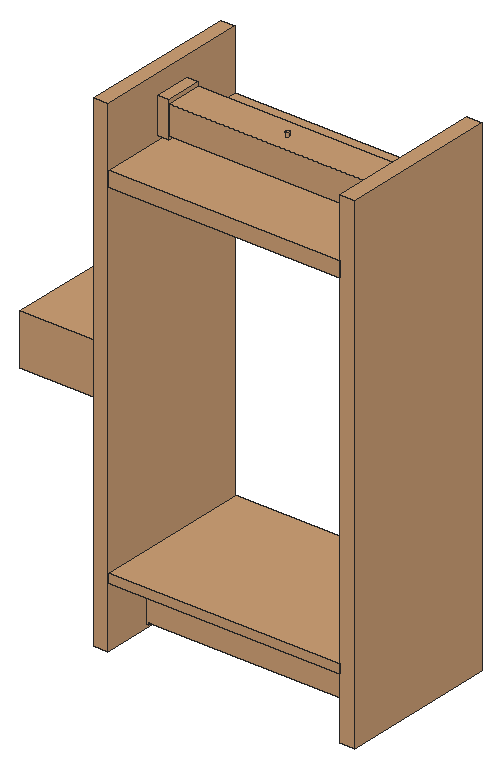
Revit family
Parameters
  Center of Unit = 0' - 0"  # constant formula
  Total Heating Capacity [instance] = 0.0 Btu/h
  Series = "VIFB"
  Outlet Area = 10.80 SF
  Lower Frame Thickness = if(Headers Height = 0' 3", 0' 1 1/4", if(Headers Height = 0' 3 1/4", 0' 1 1/4", 0' 0"))  # 0' - 1 1/4"
  Water Pressure Drop [instance] = 0.00 psi
  Water Flow [instance] = 0 GPM
  Unit Weight (lbs) = 452
  URL = "http://www.ljwing.com/"
  Water Outlet Radius = 0' - 1 1/2"
  Headers Height = if(M = 0' 1", 0' 3", if(M = 0' 1 1/2", 0' 3 1/4", 0' 0"))  # 0' - 3"
  Number of Rows = 2  # constant formula
  Number of Coils [instance] = 0
  Nominal Length = 3' - 0 3/16"
  N = 1' - 0 3/4"
  Model = "VC-3W"
  Manufacturer = "LJ Wing"
  M = 0' - 1"
  Leaving Water Temperature [instance] = 0 °F
  Leaving Air Temperature [instance] = 0 °F
  Entering Water Temperature [instance] = 0 °F
  Entering Air Temperature [instance] = 0 °F
  Description = "Vertical Integral Face & Bypass Water Heating Coils"
  Hot Water Inlet  Radius = 0' - 1 1/2"
  Coil Face Area = Outlet Area * 0.56  # 6.048 SF
  Casing Material = ""
  Assembly Code = "D3020300"
  Air Vent Radius = 0' - 0 1/4"
  Air Pressure Drop [instance] = 0.00 in-wg
  Air Inlet Width = Nominal Length - 0' 4"  # 2' - 8 3/16"
  Air Inlet Height = Y  # 4' - 0"
  Air Flow [instance] = 0 CFM
  Y = 4' - 0"
  S = 0' - 9 3/4"  # constant formula
  Product URL = "http://www.ljwing.com/html/vifb.asp"
  OmniClass = "23-75 70 21 14 "
  Nominal Height = 5' - 8"
  Nominal Depth = 1' - 10"
  R = 0' - 10 1/4"  # constant formula
  Q = 0' - 3 3/32"
Reference planes (in)
  plane 1 "Center (Front/Back)": y = 0
  plane 2: z = -24
  plane 3 "Center (Left/Right)": x = 0
  plane 4: z = 34.25
  plane 5: x = -18.09375
  plane 6: x = 18.09375
  plane 7: z = -33.75
  plane 8: z = 0
  plane 9: y = -11
  plane 10: y = 11
  plane 11: z = 24
  plane 12: z = 26
  plane 13: z = -25.25
  plane 14: x = 16.09375
  plane 15: x = -16.09375
  plane 16: x = -15
  plane 17: x = 15
  plane 18: y = 14.0625
  plane 19: x = -29.09375
  plane 20: z = 31.125
  plane 21: z = 27.125
  plane 22: y = -2.5
  plane 23: y = 2.5
  plane 24: y = -4.5
  plane 25: z = -31.375
  plane 26: x = -5.34375
  plane 27: x = 5.34375
  plane 28: z = -27.375
Forms (in)
  Extrusion 1, solid, material "Painted Finish"
    sketch origin (0, 6, -9.75) x (1, 0, 0) y (0, 0, 1)
      loop
        line (-18.09375, -24) -> (-16.09375, -24) -> (-16.09375, 44) -> (-18.09375, 44) -> (-18.09375, -24)
      loop
        line (18.09375, -24) -> (18.09375, 44) -> (16.09375, 44) -> (16.09375, -24) -> (18.09375, -24)
    from -5 to 17
  Extrusion 2, solid, material "Painted Finish"
    sketch origin (0, 6, 0) x (1, 0, 0) y (0, 0, 1)
      loop
        line (16.09375, -24) -> (-16.09375, -24) -> (-16.09375, -25.25) -> (16.09375, -25.25) -> (16.09375, -24)
      loop
        line (16.09375, 24) -> (16.09375, 26) -> (-16.09375, 26) -> (-16.09375, 24) -> (16.09375, 24)
    from -5 to 17
  Extrusion 3, solid, material "Painted Finish"
    sketch origin (0, 10, -0.5) x (1, 0, 0) y (0, 0, 1)
      loop
        line (-18.09375, 4) -> (-29.09375, 4) -> (-29.09375, -3) -> (-18.09375, -3) -> (-18.09375, 4)
    from 0 to 20
  Extrusion 4, solid, material "Painted Finish"
    sketch origin (0, 6, 0) x (1, 0, 0) y (0, 0, 1)
      loop
        line (-14.46875, 31.125) -> (-14.46875, 27.125) -> (14.46875, 27.125) -> (14.46875, 31.125) -> (-14.46875, 31.125)
    from 3.5 to 8.5
  Extrusion 5, solid, material "Painted Finish"
    sketch origin (0, 0, 0) x (1, 0, 0) y (0, 0, 1)
      loop
        line (-14.46875, 26.625) -> (-14.46875, 31.625) -> (-16.09375, 31.625) -> (-16.09375, 26.625) -> (-14.46875, 26.625)
      loop
        line (16.09375, 26.625) -> (16.09375, 31.625) -> (14.46875, 31.625) -> (14.46875, 26.625) -> (16.09375, 26.625)
    from -2.5 to 2.5
  Extrusion 6, solid, material "Painted Finish"
    sketch origin (0, 6, 0) x (1, 0, 0) y (0, 0, 1)
      loop
        line (-15.59375, -25.875) -> (-15.59375, -25.625) -> (-16.09375, -25.625) -> (-16.09375, -29.125) -> (-15.59375, -29.125) -> (-15.59375, -28.875) -> (15.59375, -28.875) -> (15.59375, -29.125) -> (16.09375, -29.125) -> (16.09375, -25.625) -> (15.59375, -25.625) -> (15.59375, -25.875) -> (-15.59375, -25.875)
      loop
        line (15.59375, -32.875) -> (15.59375, -33.125) -> (16.09375, -33.125) -> (16.09375, -29.625) -> (15.59375, -29.625) -> (15.59375, -29.875) -> (-15.59375, -29.875) -> (-15.59375, -29.625) -> (-16.09375, -29.625) -> (-16.09375, -33.125) -> (-15.59375, -33.125) -> (-15.59375, -32.875) -> (15.59375, -32.875)
    from -5 to 10.5
  Extrusion 7, void
    sketch origin (0, 0, 0) x (1, 0, 0) y (0, 0, 1)
      loop
        line (-16.09375, 24) -> (-16.09375, -24) -> (16.09375, -24) -> (16.09375, 24) -> (-16.09375, 24)
    from -11 to 11
  Extrusion 8, solid, material "Painted Finish"
    sketch origin (0, 0, 0) x (1, 0, 0) y (0, 0, 1)
      loop
        circle (5.34375, -31.375) r 1
      loop
        circle (-5.34375, -27.375) r 1
    from -14.0625 to -11
  Extrusion 9, solid, material "Painted Finish"
    sketch origin (0, 0, 0) x (1, 0, 0) y (0, 1, 0)
      loop
        circle (0, 0) r 0.25
    from 31.125 to 31.625
Cuts and joins
  Extrusion 7 cuts Extrusion 1
  Extrusion 7 cuts Extrusion 2
Dimensions and locks (in)
  "Nominal Length": plane 6 to plane 5
  equal spacing: plane 6, plane 3 "Center (Left/Right)", plane 5
  "S": plane 2 to plane 7
  "Nominal Depth": plane 10 to plane 9
  equal spacing: plane 10, plane 1 "Center (Front/Back)", plane 9
  "Y": plane 11 to plane 2
  "R": plane 4 to plane 11
  locked: plane 12 to plane 11 at 2
  "Lower Frame Thickness": plane 2 to plane 13
  "Q": plane 16 to plane 5
  "Q": plane 6 to plane 17
  locked: plane 18 to plane 10 at 3.0625
  locked: plane 5 to plane 19 at 11
  locked: Extrusion 3 sketch curve to Extrusion 3 sketch curve at 7
  locked: Extrusion 3 to Extrusion 3 at 20
  locked: plane 6 to plane 14 at 2
  locked: plane 15 to plane 5 at 2
  locked: Extrusion 5 sketch curve to plane 20 at 0.5
  locked: plane 21 to Extrusion 5 sketch curve at 0.5
  locked: plane 20 to plane 21 at 4
  locked: plane 23 to plane 22 at 5
  equal spacing: plane 23, plane 1 "Center (Front/Back)", plane 22
  locked: plane 22 to plane 24 at 2
  plane 4 to plane 7 = 5' - 8"
  locked: Extrusion 5 sketch curve to Extrusion 1 at 1.625
  locked: Extrusion 5 sketch curve to Extrusion 5 sketch curve at 1.625
  locked: Extrusion 7 sketch curve to plane 11 at 0
  locked: Extrusion 7 sketch curve to plane 15 at 0
  locked: Extrusion 7 sketch curve to plane 14 at 0
  locked: plane 15 to Extrusion 6 sketch curve at 0.5
  locked: Extrusion 6 sketch curve to Extrusion 6 sketch curve at 0.25  (x2)
  locked: plane 25 to plane 7 at 2.375
  "N": plane 26 to plane 5
  "N": plane 6 to plane 27
  locked: plane 28 to plane 7 at 6.375
  "Headers Height": Extrusion 6 sketch curve to Extrusion 6 sketch curve  (x2)
  locked: Extrusion 8 sketch curve to plane 25 at 0
  locked: Extrusion 8 sketch curve to plane 28 at 0
  locked: Extrusion 9 sketch curve to plane 1 "Center (Front/Back)" at 0
  locked: Extrusion 9 sketch curve to plane 3 "Center (Left/Right)" at 0
  equal spacing: Extrusion 6 sketch curve, plane 28, Extrusion 6 sketch curve
  equal spacing: Extrusion 6 sketch curve, plane 25, Extrusion 6 sketch curve
  locked: plane 4 to plane 20 at 3.125
  locked: Extrusion 7 sketch curve to plane 2 at 0
  equal spacing: plane 11, plane 8, plane 2
  locked: Extrusion 8 sketch curve to plane 27 at 0
  locked: Extrusion 8 sketch curve to plane 26 at 0
  "M": radius of Extrusion 8 sketch curve  (x2)
  "Air Vent Radius": radius of Extrusion 9 sketch curve
  aligned and locked: Extrusion 1 to plane 9
  aligned and locked: Extrusion 1 to plane 10
  aligned and locked: Extrusion 1 to plane 15
  aligned and locked: Extrusion 1 to plane 14
  aligned and locked: Extrusion 2 to plane 9
  aligned and locked: plane 9 to Extrusion 1
  aligned and locked: plane 10 to Extrusion 1  (x2)
  aligned and locked: Extrusion 2 to plane 10
  aligned and locked: plane 10 to Extrusion 2  (x2)
  aligned and locked: plane 9 to Extrusion 2  (x2)
  aligned and locked: plane 5 to Extrusion 3
  aligned and locked: Extrusion 5 sketch curve to plane 15
  aligned and locked: Extrusion 5 sketch curve to Extrusion 4
  aligned and locked: Extrusion 1 to Extrusion 6
  aligned and locked: plane 22 to Extrusion 5
  aligned and locked: Extrusion 5 to Extrusion 4  (x2)
  aligned and locked: Extrusion 5 to plane 23
  aligned and locked: Extrusion 6 to plane 24
  aligned and locked: Extrusion 4 to Extrusion 5  (x2)
  aligned and locked: Extrusion 5 to Extrusion 1  (x2)
  aligned and locked: Extrusion 1 to Extrusion 7  (x2)
  aligned and locked: plane 18 to Extrusion 8
  aligned and locked: Extrusion 8 to plane 10
  aligned and locked: plane 20 to Extrusion 9
  aligned and locked: Extrusion 9 to Extrusion 5
  aligned and locked: plane 2 to cut or joined group of Extrusion 2, Extrusion 7
  aligned and locked: Extrusion 1 sketch curve to plane 6
  aligned and locked: Extrusion 1 sketch curve to plane 14
  aligned and locked: Extrusion 1 sketch curve to plane 15
  aligned and locked: Extrusion 1 sketch curve to plane 5
  aligned and locked: Extrusion 1 sketch curve to plane 4  (x2)
  aligned and locked: plane 7 to Extrusion 1 sketch curve  (x2)
  aligned and locked: Extrusion 2 sketch curve to plane 11
  aligned and locked: Extrusion 2 sketch curve to plane 12
  aligned and locked: plane 2 to Extrusion 2 sketch curve
  aligned and locked: Extrusion 2 sketch curve to plane 13
  aligned and locked: Extrusion 2 sketch curve to plane 14  (x2)
  aligned and locked: Extrusion 2 sketch curve to plane 15  (x2)
  aligned and locked: plane 20 to Extrusion 4 sketch curve
  aligned and locked: Extrusion 4 sketch curve to plane 21
  aligned and locked: Extrusion 6 sketch curve to plane 14  (x2)
  aligned and locked: plane 15 to Extrusion 6 sketch curve  (x2)
Automatic sketch dimensions
  Extrusion 3 sketch curve to plane 19 = 0' - 0"
  Extrusion 3 sketch curve to plane 5 = 0' - 0"
  plane 8 to Extrusion 3 sketch curve = 0' - 3 1/2"
  plane 16 to Extrusion 4 sketch curve = 0' - 0 17/32"
  Extrusion 4 sketch curve to plane 17 = 0' - 0 17/32"
  plane 21 to Extrusion 5 sketch curve = 0' - 0 1/2"
  Extrusion 5 sketch curve to plane 20 = 0' - 0 1/2"
  plane 15 to Extrusion 6 sketch curve = 0' - 0 1/2"  (x2)
  Extrusion 6 sketch curve to Extrusion 6 sketch curve = 0' - 0 1/4"  (x5)
  Extrusion 6 sketch curve to Extrusion 6 sketch curve = 0' - 0"  (x2)
  Extrusion 6 sketch curve to plane 14 = 0' - 0 1/2"  (x2)
  Extrusion 6 sketch curve to Extrusion 6 sketch curve = 0' - 0 1/2"
  Extrusion 6 sketch curve to plane 7 = 0' - 0 5/8"
Connectors (in)
  hvac at (0, -11, 0), driven by "Air Inlet Height", driven by "Air Inlet Width", driven by "Air Flow", driven by "Air Pressure Drop"
    settings: on Extrusion 7, index 1
  hvac at (0, 11, 0), driven by "Air Pressure Drop", driven by "Air Inlet Height", driven by "Air Inlet Width", driven by "Air Flow"
    settings: on Extrusion 7, index 2
  piping at (-5.34375, 14.0625, -27.375), driven by "M", driven by "Water Flow", driven by "Water Pressure Drop"
    settings: on Extrusion 8, index 4
  piping at (5.34375, 14.0625, -31.375), driven by "Water Pressure Drop", driven by "Water Flow", driven by "M"
    settings: on Extrusion 8, index 5
